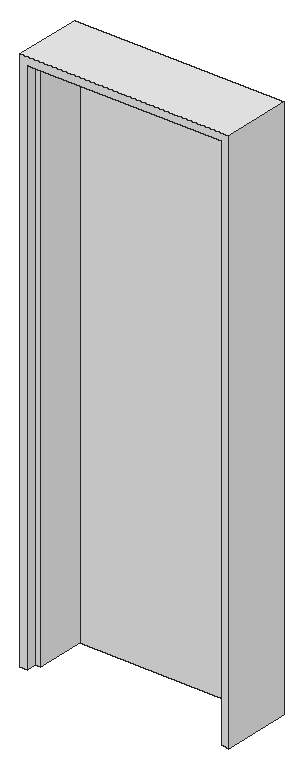
Revit family
Parameters
  프레임 투영 외부. = 25 mm
  프레임 투영 내부. = 25 mm
  프레임 폭 = 75 mm
  Height = 2100 mm
  Wall Closure = (empty or 0)
  Width = 800 mm
  문 패널 = SD1 문 패널
  문 프레임 = SD1 문 프레임
Reference planes
  plane 1: y = 0
  plane 2 "중심(왼쪽/오른쪽)": x = 0
  plane 3 "왼쪽": x = -400
  plane 4 "오른쪽": x = 400
  plane 5: z = 2100
  plane 6 "외부": y = 100
  plane 7 "내부": y = -100
  plane 8: x = 370
  plane 9: y = 130
  plane 10: y = -130
  plane 11: x = -370
  plane 12: x = -350
  plane 13: x = 350
  plane 14: y = 95
  plane 15: y = -95
  plane 16: z = 1050
  plane 17: z = 2070
  plane 18: z = 2050
  plane 19: z = 2025
  plane 20: z = 1950
  plane 21: x = -300
  plane 22: x = -100
  plane 23: z = 900
  plane 24: z = 870
  plane 25: z = 930
  plane 26: x = 300
  plane 27: x = 270
Forms (mm)
  Sweep 1, solid, material "SD1 문 프레임" <- "문 프레임"
    path origin (2625, 130, 1200) x (1, 0, 0) y (0, 0, 1)
      loop
        line (-2225, -1200) -> (-2225, 900) -> (-3025, 900) -> (-3025, -1200)
    profile origin (400, 130, 0) x (-1, 0, 0) y (0, -1, 0)
      loop
        line (0, 0) -> (30, 0) -> (30, 35) -> (50, 35) -> (50, 225) -> (30, 225) -> (30, 260) -> (0, 260) -> (0, 0)
  Extrusion 2, solid, material "SD1 문 패널" <- "문 패널"
    sketch origin (0, 0, 0) x (1, 0, 0) y (0, 1, 0)
      loop
        line (-370, 130) -> (-370, 95) -> (370, 95) -> (370, 130) -> (-370, 130)
    from 0 to 2070
Lines and regions (mm)
  Opening 1
    outline origin (-3050, -100, 0) x (1, 0, 0) y (0, 0, 1)
      loop
        line (2650, 0) -> (3450, 0) -> (3450, 2100) -> (2650, 2100) -> (2650, 0)
  symbolic lines, style "평면 스윙"
    curve 1: line (-370, 130, 0) -> (-370, 870, 0)
    curve 2: line (-370, 870, 0) -> (-335, 870, 0)
    curve 3: line (-335, 870, 0) -> (-335, 130, 0)
    curve 4: line (-335, 130, 0) -> (-370, 130, 0)
    curve 5: arc (-335, 870, 0) -> (165.776, 641.263, 0) -> (370, 130, 0) r 740
  symbolic lines
    curve 6: line (-100, 130, 2025) -> (-300, 130, 2025)
    curve 7: line (-100, 130, 1950) -> (-100, 130, 2025)
    curve 8: line (-300, 130, 1950) -> (-100, 130, 1950)
    curve 9: line (-300, 130, 2025) -> (-300, 130, 1950)
    curve 10: line (-350, 130, 1987.5) -> (-50, 130, 1987.5)
    curve 11: circle (300, 130, 900) r 30 normal (0, -1, 0)
    curve 12: line (360, 130, 900) -> (240, 130, 900)
    curve 13: line (300, 130, 840) -> (300, 130, 960)
  symbolic lines, style "입면도 스윙"
    curve 14: line (370, 130, 2070) -> (-370, 130, 1050)
    curve 15: line (-370, 130, 1050) -> (370, 130, 0)
Text (mm)
  text "외부" at (-2295.016, 1099.543, 0), in view "참조 레벨"
  text "외부" at (0, 1615.38, 3698.081), in view "왼쪽"
  text "외부" at (0, 1036.032, 3874.932), in view "오른쪽"
Dimensions and locks
  equal spacing: plane 3 "왼쪽", plane 2 "중심(왼쪽/오른쪽)", plane 4 "오른쪽"
  "Width": plane 3 "왼쪽" to plane 4 "오른쪽"
  "Height": plane 5 to host wall
  host wall to plane 5 = 2100 mm  (x2)
  locked: plane 6 "외부" to host wall at 0
  locked: plane 7 "내부" to host wall
  plane 14 to plane 6 "외부" to plane 9 = 5 mm locked, 30 mm locked
  plane 10 to plane 7 "내부" to plane 15 = 30 mm locked, 5 mm locked
  plane 3 "왼쪽" to plane 11 to plane 12 = 30 mm locked, 20 mm locked
  plane 13 to plane 8 to plane 4 "오른쪽" = 20 mm locked, 30 mm locked
  equal spacing: level, plane 16, plane 5
  plane 18 to plane 17 to plane 5 = 20 mm locked, 30 mm locked
  plane 3 "왼쪽" to plane 21 to plane 22 = 100 mm locked, 200 mm locked
  plane 20 to plane 19 to plane 5 = 75 mm locked, 75 mm locked
  plane 27 to plane 26 to plane 13 = 30 mm locked, 50 mm locked
  locked: level to plane 23 at 900
  plane 24 to plane 23 to plane 25 = 30 mm locked, 30 mm locked
  aligned and locked: plane 3 "왼쪽" to Opening 1 sketch curve
  aligned and locked: plane 5 to Opening 1 sketch curve  (x2)
  aligned and locked: Opening 1 sketch curve to plane 4 "오른쪽"
  aligned and locked: Opening 1 sketch curve to level
  aligned and locked: plane 1 to host wall
  aligned and locked: host wall to Sweep 1 sketch curve
  aligned and locked: Sweep 1 sketch curve to host wall  (x3)
  aligned and locked: Sweep 1 sketch curve to plane 4 "오른쪽"
  aligned and locked: plane 10 to Sweep 1 sketch curve
  aligned and locked: plane 8 to Sweep 1 sketch curve  (x2)
  aligned and locked: Sweep 1 sketch curve to plane 9
  aligned and locked: plane 13 to Sweep 1 sketch curve
  aligned and locked: Sweep 1 sketch curve to plane 14
  aligned and locked: plane 15 to Sweep 1 sketch curve
  aligned and locked: Sweep 1 to Extrusion 2 sketch curve  (x2)
  aligned and locked: Extrusion 2 sketch curve to Sweep 1  (x2)
  aligned and locked: Extrusion 2 to plane 17
  aligned and locked: curve 5 to Extrusion 2
  aligned and locked: plane 22 to curve 6
  aligned and locked: plane 19 to curve 6
  aligned and locked: plane 20 to curve 9
  aligned and locked: plane 21 to curve 9
  aligned and locked: plane 12 to curve 10
  aligned and locked: plane 23 to curve 12
  aligned and locked: curve 13 to plane 26
Automatic sketch dimensions
  Sweep 1 sketch curve to level = 0 mm
  curve 1 to plane 11 = 0 mm
  curve 4 to plane 9 = 0 mm
  curve 5 to plane 8 = 0 mm
  curve 5 to plane 11 = 0 mm
  curve 4 to plane 12 = 15 mm
  curve 5 to plane 9 = 0.828 mm
  curve 15 to plane 11 = 0 mm
  curve 11 to plane 23 = 0 mm
  curve 11 to plane 26 = 0 mm
  curve 15 to level = 0 mm
  curve 15 to plane 8 = 0 mm
  curve 14 to plane 8 = 0 mm
  curve 14 to plane 16 = 0 mm
  curve 14 to plane 17 = 0 mm
  curve 10 to plane 2 "중심(왼쪽/오른쪽)" = 50 mm
  plane 27 to curve 12 = 30 mm
  plane 8 to curve 12 = 10 mm
  curve 13 to plane 24 = 30 mm
  plane 25 to curve 13 = 30 mm
  curve 10 to plane 19 = 37.5 mm
  radius of curve 11 = 30 mm
